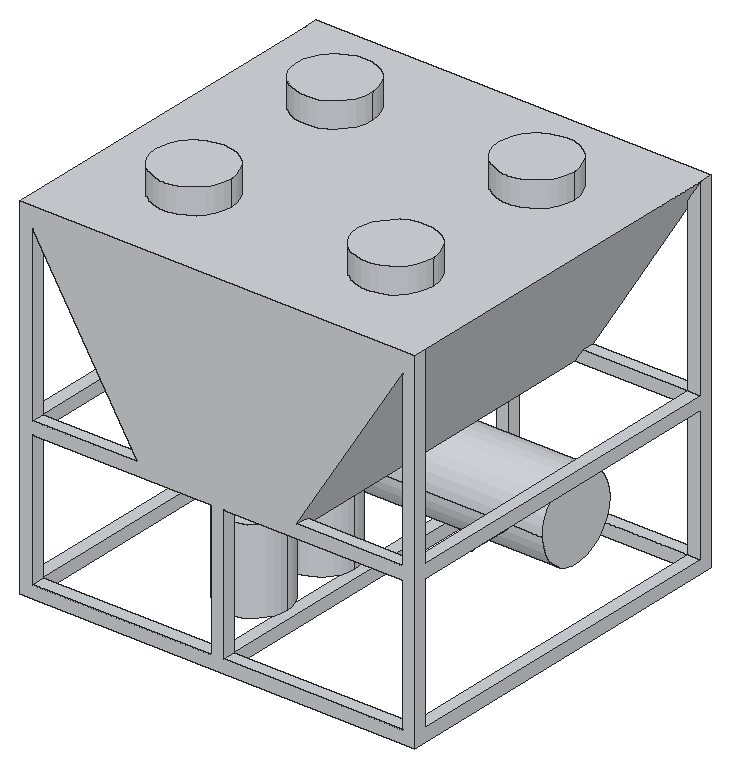
Revit family "M_Resfriador de ar de alta potência - Resfriado a ar - 211-422 kW", category Equipamento mecânico, Revit 2019
Family settings
  Cota do conector redondo = Usar raio
  Tipo de parte = Normal
  Número OmniClass = 23.75.10.24.21.21
  Título OmniClass = Packaged Water Chillers
  ID de item do Seek = Scroll Chiller - Air Cooled - 211-422 kW-0000-CAN-ENU
  Com base no plano de trabalho = Não
  Sempre na vertical = Sim
  Corte com vazios quando carregada = Não
  Compartilhado = Não
  Ponto de cálculo do ambiente = Não
Parameters (values of type "211 kW")
  Voltagem = 460 V
  Visível 2 = no
  Visível 1 = yes
  Queda de pressão [instance] = 26600.0 Pa
  Número de pólos = 3
  Classificação de carga = Refrigeração
  Capacidade de refrigeração [instance] = 201000 W
  Material do resfriador = none
  Comprimento do resfriador = 2393 mm
  Raio do fornecimento de água resfriada = 50 mm
  Diâmetro do fornecimento de água resfriada = Raio do fornecimento de água resfriada * 2  # 100 mm
  Raio do retorno de água resfriada = 50 mm
  Diâmetro do retorno de água resfriada = Raio do retorno de água resfriada * 2  # 100 mm
  Fluxo da água resfriada [instance] = 8.64 L/s
  C3 Deslocamento 1 = C1 Deslocamento 2 - 279 mm  # 204 mm
  C2 Deslocamento 3 = 519 mm
  C1 Deslocamento 3 = 381 mm
  C1 Deslocamento 2 = 483 mm
  Carga aparente [instance] = 70400 VA
Types (8, lengths in mm): name | Visível 2 | Queda de pressão | Capacidade de refrigeração | Comprimento do resfriador | Raio do fornecimento de água resfriada | Diâmetro do fornecimento de água resfriada | Raio do retorno de água resfriada | Diâmetro do retorno de água resfriada | Fluxo da água resfriada | C3 Deslocamento 1 | C2 Deslocamento 3 | C1 Deslocamento 3 | C1 Deslocamento 2 | Carga aparente
  (no name) | no | 26600.0 Pa | 201000 W | 2393 | 50 | 100 | 50 | 100 | 8.64 L/s | 204 | 519 | 381 | 483 | 70400 VA
  211 kW | no | 26600.0 Pa | 201000 W | 2393 | 50 | 100 | 50 | 100 | 8.64 L/s | 204 | 519 | 381 | 483 | 70400 VA
  246 kW | no | 35000.0 Pa | 234000 W | 2393 | 50 | 100 | 50 | 100 | 10.0 L/s | 204 | 519 | 381 | 483 | 83400 VA
  281 kW | no | 20900.0 Pa | 267000 W | 2393 | 50 | 100 | 50 | 100 | 11.5 L/s | 219 | 519 | 381 | 498 | 95300 VA
  316 kW | yes | 26600.0 Pa | 304000 W | 3587 | 50 | 100 | 50 | 100 | 13.1 L/s | 219 | 992 | 1097 | 498 | 107000 VA
  352 kW | yes | 32000.0 Pa | 336000 W | 3587 | 50 | 100 | 50 | 100 | 14.5 L/s | 219 | 992 | 1097 | 498 | 120000 VA
  387 kW | yes | 26300.0 Pa | 371000 W | 3587 | 80 | 160 | 80 | 160 | 15.9 L/s | 112 | 992 | 340 | 391 | 132000 VA
  422 kW | yes | 32600.0 Pa | 416000 W | 4781 | 80 | 160 | 80 | 160 | 17.9 L/s | 112 | 1159 | 1367 | 391 | 148000 VA
Reference planes
  plane 1 "Centro (Frente/Trás)": y = 0
  plane 2: z = 0
  plane 3 "Centro (Esquerda/Direita)": x = 0
  plane 4: x = 2393
  plane 5: y = -2235.962
  plane 6: x = 76.2
  plane 7: x = 2316.8
  plane 8: y = -76.2
  plane 9: y = -2159.762
  plane 10: z = 76.2
  plane 11: z = 889
  plane 12: z = 965.2
  plane 13: z = 2129.028
  plane 14: x = 1196.5
  plane 15: x = 1158.4
  plane 16: x = 1234.6
  plane 17: x = 762
  plane 18: x = 1631
  plane 19: y = -762
  plane 20: z = 127
  plane 21: x = 152.4
  plane 22: x = 381
  plane 23: x = 1874
  plane 24: x = 203.2
  plane 25: x = 2128
  plane 26: y = -685.8
  plane 27: z = 483
  plane 28: z = 204
  plane 29: y = -1193.8
  plane 30: z = 203.2
  plane 31: z = 711.2
  plane 32: y = -1854.962
  plane 33: y = -1346.962
  plane 34: x = 1112
  plane 35: y = -336.55
  plane 36: z = 189.992
  plane 37: z = 2281.428
  plane 38: x = 584.2
  plane 39: x = 1808.8
  plane 40: y = -584.2
  plane 41: y = -1651.762
Forms (mm)
  Extrusion 1, solid, material <- "Material do resfriador"
    sketch origin (0, 0, 0) x (1, 0, 0) y (0, 1, 0)
      loop
        line (0, 0) -> (0, -2235.962) -> (2393, -2235.962) -> (2393, 0) -> (0, 0)
    from 0 to 76.2
  Extrusion 2, void
    sketch origin (0, 0, 0) x (1, 0, 0) y (0, 1, 0)
      loop
        line (76.2, -76.2) -> (76.2, -2159.762) -> (2316.8, -2159.762) -> (2316.8, -76.2) -> (76.2, -76.2)
    from 0 to 76.2
  Extrusion 3, solid, material <- "Material do resfriador"
    sketch origin (0, 0, 0) x (1, 0, 0) y (0, 1, 0)
      loop
        line (0, 0) -> (0, -2235.962) -> (2393, -2235.962) -> (2393, 0) -> (0, 0)
    from 889 to 965.2
  Extrusion 4, void
    sketch origin (0, 0, 0) x (1, 0, 0) y (0, 1, 0)
      loop
        line (76.2, -76.2) -> (76.2, -2159.762) -> (2316.8, -2159.762) -> (2316.8, -76.2) -> (76.2, -76.2)
    from 889 to 965.2
  Extrusion 5, solid, material <- "Material do resfriador"
    sketch origin (0, 0, 0) x (1, 0, 0) y (0, 1, 0)
      loop
        line (0, 0) -> (0, -76.2) -> (76.2, -76.2) -> (76.2, 0) -> (0, 0)
    from 0 to 2129.028
  Extrusion 6, solid, material <- "Material do resfriador"
    sketch origin (0, 0, 0) x (1, 0, 0) y (0, 1, 0)
      loop
        line (2316.8, 0) -> (2316.8, -76.2) -> (2393, -76.2) -> (2393, 0) -> (2316.8, 0)
    from 0 to 2129.028
  Extrusion 7, solid, material <- "Material do resfriador"
    sketch origin (0, 0, 0) x (1, 0, 0) y (0, 1, 0)
      loop
        line (0, -2159.762) -> (0, -2235.962) -> (76.2, -2235.962) -> (76.2, -2159.762) -> (0, -2159.762)
    from 0 to 2129.028
  Extrusion 8, solid, material <- "Material do resfriador"
    sketch origin (0, 0, 0) x (1, 0, 0) y (0, 1, 0)
      loop
        line (2316.8, -2159.762) -> (2316.8, -2235.962) -> (2393, -2235.962) -> (2393, -2159.762) -> (2316.8, -2159.762)
    from 0 to 2129.028
  Extrusion 9, solid, material <- "Material do resfriador"
    sketch origin (0, 0, 0) x (0, 1, 0) y (0, 0, 1)
      loop
        line (0, 965.2) -> (-2235.962, 965.2) -> (-2235.962, 0) -> (0, 0) -> (0, 965.2)
      loop
        line (-76.2, 889) -> (-2159.762, 889) -> (-2159.762, 76.2) -> (-76.2, 76.2) -> (-76.2, 889)
    from 1158.4 to 1234.6
  Blend 10, solid, material <- "Material do resfriador"
    base sketch origin (0, 0, 0) x (1, 0, 0) y (0, 1, 0)
      loop
        line (0, 0) -> (0, -2235.962) -> (2393, -2235.962) -> (2393, 0) -> (0, 0)
    top sketch origin (0, 0, 0) x (1, 0, 0) y (0, 1, 0)
      loop
        line (762, 0) -> (762, -2235.962) -> (1631, -2235.962) -> (1631, 0) -> (762, 0)
    from 2129.028 to 889
  Extrusion 11, solid, material <- "Material do resfriador"
    sketch origin (0, 0, 0) x (0, 1, 0) y (0, 0, 1)
      loop
        line (-76.2, 889) -> (-762, 889) -> (-762, 127) -> (-76.2, 127) -> (-76.2, 889)
    from 0 to 152.4
  Extrusion 12, solid, material <- "Material do resfriador"
    sketch origin (0, 0, 0) x (0, 1, 0) y (0, 0, 1)
      loop
        circle (-685.8, 483) r 254
    from 203.2 to 2128
  Extrusion 13, solid, material <- "Material do resfriador"
    sketch origin (0, 0, 0) x (1, 0, 0) y (0, 1, 0)
      loop
        circle (381, -685.8) r 9.525
    from 204 to 483
  Extrusion 14, solid, material <- "Material do resfriador"
    sketch origin (0, 0, 0) x (1, 0, 0) y (0, 0, 1)
      loop
        circle (381, 483) r 50
    from 685.8 to 1193.8
  Extrusion 15, solid, material <- "Material do resfriador"
    sketch origin (0, 0, 0) x (1, 0, 0) y (0, 0, 1)
      loop
        circle (1874, 483) r 50
    from 685.8 to 1193.8
  Extrusion 16, solid, material <- "Material do resfriador"
    sketch origin (0, 0, 0) x (1, 0, 0) y (0, 1, 0)
      loop
        circle (1112, -1854.962) r 203.2
    from 203.2 to 711.2
  Extrusion 17, solid, material <- "Material do resfriador"
    sketch origin (0, 0, 0) x (1, 0, 0) y (0, 1, 0)
      loop
        circle (1112, -1346.962) r 203.2
    from 203.2 to 711.2
  Extrusion 18, solid, material <- "Material do resfriador"
    sketch origin (0, 0, 0) x (0, 1, 0) y (0, 0, 1)
      loop
        circle (-336.55, 189.992) r 9.525
    from 0 to 76.2
  Extrusion 19, solid, material <- "Material do resfriador"
    sketch origin (0, 0, 0) x (1, 0, 0) y (0, 1, 0)
      loop
        circle (584.2, -584.2) r 228.6
    from 2129.028 to 2281.428
  Extrusion 20, solid, material <- "Material do resfriador"
    sketch origin (0, 0, 0) x (1, 0, 0) y (0, 1, 0)
      loop
        circle (1808.8, -584.2) r 228.6
    from 2129.028 to 2281.428
  Extrusion 21, solid, material <- "Material do resfriador"
    sketch origin (0, 0, 0) x (1, 0, 0) y (0, 1, 0)
      loop
        circle (584.2, -1651.762) r 228.6
    from 2129.028 to 2281.428
  Extrusion 22, solid, material <- "Material do resfriador"
    sketch origin (0, 0, 0) x (1, 0, 0) y (0, 1, 0)
      loop
        circle (1808.8, -1651.762) r 228.6
    from 2129.028 to 2281.428
Cuts and joins
  Extrusion 2, Extrusion 4 cuts Extrusion 1
  Extrusion 4 cuts Extrusion 3
  joined: Extrusion 1, Extrusion 3, Extrusion 5, Extrusion 6, Extrusion 7, Extrusion 8, Extrusion 9, Blend 10, Extrusion 11, Extrusion 12, Extrusion 13, Extrusion 14, Extrusion 15, Extrusion 16, Extrusion 17, Extrusion 18, Extrusion 19, Extrusion 20, Extrusion 21, Extrusion 22
Dimensions and locks
  "Comprimento do resfriador": plane 3 "Centro (Esquerda/Direita)" to plane 4
  locked: plane 5 to plane 1 "Centro (Frente/Trás)" at 2235.962
  locked: plane 3 "Centro (Esquerda/Direita)" to plane 6 at 76.2
  locked: plane 7 to plane 4 at 76.2
  locked: plane 8 to plane 1 "Centro (Frente/Trás)" at 76.2
  locked: plane 9 to plane 5 at 76.2
  locked: plane 10 to plane 2 at 76.2
  locked: plane 12 to plane 11 at 76.2
  locked: plane 13 to plane 2 at 2129.028
  equal spacing: plane 3 "Centro (Esquerda/Direita)", plane 14, plane 4
  locked: plane 15 to plane 14 at 38.1
  locked: plane 14 to plane 16 at 38.1
  locked: plane 3 "Centro (Esquerda/Direita)" to plane 17 at 762
  locked: plane 18 to plane 4 at 762
  locked: plane 1 "Centro (Frente/Trás)" to plane 19 at 762
  locked: plane 20 to plane 2 at 127
  locked: plane 3 "Centro (Esquerda/Direita)" to plane 21 at 152.4
  "C1 Deslocamento 3": plane 22 to plane 3 "Centro (Esquerda/Direita)"
  "C2 Deslocamento 3": plane 4 to plane 23
  locked: plane 22 to plane 24 at 177.8
  locked: plane 25 to plane 23 at 254
  locked: plane 1 "Centro (Frente/Trás)" to plane 26 at 685.8
  "C1 Deslocamento 2": plane 27 to plane 2
  "C3 Deslocamento 1": plane 28 to plane 2
  locked: plane 26 to plane 29 at 508
  locked: plane 30 to plane 2 at 203.2
  locked: plane 31 to plane 30 at 508
  locked: plane 32 to plane 5 at 381
  locked: plane 33 to plane 32 at 508
  locked: plane 23 to plane 34 at 762
  locked: plane 1 "Centro (Frente/Trás)" to plane 35 at 336.55
  locked: plane 36 to plane 2 at 189.992
  locked: plane 37 to plane 13 at 152.4
  locked: plane 3 "Centro (Esquerda/Direita)" to plane 38 at 584.2
  locked: plane 39 to plane 4 at 584.2
  locked: plane 40 to plane 1 "Centro (Frente/Trás)" at 584.2
  locked: plane 41 to plane 5 at 584.2
  radius of Extrusion 12 sketch curve = 254 mm
  radius of Extrusion 13 sketch curve = 9.525 mm
  "Raio do fornecimento de água resfriada": radius of Extrusion 14 sketch curve
  "Raio do retorno de água resfriada": radius of Extrusion 15 sketch curve
  radius of Extrusion 16 sketch curve = 203.2 mm
  radius of Extrusion 17 sketch curve = 203.2 mm
  radius of Extrusion 18 sketch curve = 9.525 mm
  radius of Extrusion 19 sketch curve = 228.6 mm
  radius of Extrusion 20 sketch curve = 228.6 mm
  radius of Extrusion 21 sketch curve = 228.6 mm
  radius of Extrusion 22 sketch curve = 228.6 mm
  aligned and locked: plane 3 "Centro (Esquerda/Direita)" to Extrusion 1 sketch curve
  aligned and locked: plane 1 "Centro (Frente/Trás)" to Extrusion 1 sketch curve
  aligned and locked: plane 5 to Extrusion 1 sketch curve
  aligned and locked: Extrusion 1 sketch curve to plane 4
  aligned and locked: Extrusion 1 to plane 10
  aligned and locked: Extrusion 1 to plane 2
  aligned and locked: plane 6 to Extrusion 2 sketch curve
  aligned and locked: Extrusion 2 sketch curve to plane 8
  aligned and locked: plane 9 to Extrusion 2 sketch curve
  aligned and locked: Extrusion 2 sketch curve to plane 7
  aligned and locked: Extrusion 2 to plane 10
  aligned and locked: Extrusion 2 to level
  aligned and locked: plane 12 to Extrusion 3
  aligned and locked: Extrusion 3 to plane 11
  aligned and locked: plane 11 to Extrusion 4
  aligned and locked: plane 12 to Extrusion 4
  aligned and locked: plane 13 to Extrusion 5
  aligned and locked: Extrusion 5 to plane 2
  aligned and locked: plane 7 to Extrusion 6 sketch curve
  aligned and locked: plane 1 "Centro (Frente/Trás)" to Extrusion 6 sketch curve
  aligned and locked: plane 8 to Extrusion 6 sketch curve
  aligned and locked: Extrusion 6 sketch curve to plane 4
  aligned and locked: plane 13 to Extrusion 6
  aligned and locked: plane 2 to Extrusion 6
  aligned and locked: plane 3 "Centro (Esquerda/Direita)" to Extrusion 7 sketch curve
  aligned and locked: Extrusion 7 sketch curve to plane 9
  aligned and locked: plane 5 to Extrusion 7 sketch curve
  aligned and locked: Extrusion 7 sketch curve to plane 6
  aligned and locked: plane 13 to Extrusion 7
  aligned and locked: Extrusion 7 to plane 2
  aligned and locked: plane 13 to Extrusion 8
  aligned and locked: plane 2 to Extrusion 8
  aligned and locked: plane 16 to Extrusion 9
  aligned and locked: Extrusion 9 to plane 15
  aligned and locked: plane 17 to Blend 10 sketch curve
  aligned and locked: plane 1 "Centro (Frente/Trás)" to Blend 10 sketch curve
  aligned and locked: plane 5 to Blend 10 sketch curve
  aligned and locked: Blend 10 sketch curve to plane 18
  aligned and locked: plane 13 to Blend 10
  aligned and locked: Blend 10 to plane 11
  aligned and locked: plane 20 to Extrusion 11 sketch curve
  aligned and locked: plane 19 to Extrusion 11 sketch curve
  aligned and locked: Extrusion 11 to plane 3 "Centro (Esquerda/Direita)"
  aligned and locked: plane 21 to Extrusion 11
  aligned and locked: plane 26 to Extrusion 12 sketch curve
  aligned and locked: plane 27 to Extrusion 12 sketch curve
  aligned and locked: plane 24 to Extrusion 12
  aligned and locked: plane 25 to Extrusion 12
  aligned and locked: plane 22 to Extrusion 13 sketch curve
  aligned and locked: plane 26 to Extrusion 13 sketch curve
  aligned and locked: plane 27 to Extrusion 13
  aligned and locked: Extrusion 13 to plane 28
  aligned and locked: plane 22 to Extrusion 14 sketch curve
  aligned and locked: plane 27 to Extrusion 14 sketch curve
  aligned and locked: plane 29 to Extrusion 14
  aligned and locked: Extrusion 14 to plane 26
  aligned and locked: plane 23 to Extrusion 15 sketch curve
  aligned and locked: plane 27 to Extrusion 15 sketch curve
  aligned and locked: plane 26 to Extrusion 15
  aligned and locked: plane 29 to Extrusion 15
  aligned and locked: plane 34 to Extrusion 16 sketch curve
  aligned and locked: plane 32 to Extrusion 16 sketch curve
  aligned and locked: Extrusion 16 to plane 30
  aligned and locked: plane 31 to Extrusion 16
  aligned and locked: plane 34 to Extrusion 17 sketch curve
  aligned and locked: plane 33 to Extrusion 17 sketch curve
  aligned and locked: plane 31 to Extrusion 17
  aligned and locked: Extrusion 17 to plane 30
  aligned and locked: plane 35 to Extrusion 18 sketch curve
  aligned and locked: plane 36 to Extrusion 18 sketch curve
  aligned and locked: Extrusion 18 to plane 3 "Centro (Esquerda/Direita)"
  aligned and locked: plane 6 to Extrusion 18
  aligned and locked: plane 38 to Extrusion 19 sketch curve
  aligned and locked: plane 40 to Extrusion 19 sketch curve
  aligned and locked: plane 37 to Extrusion 19
  aligned and locked: Extrusion 19 to plane 13
  aligned and locked: plane 39 to Extrusion 20 sketch curve
  aligned and locked: plane 40 to Extrusion 20 sketch curve
  aligned and locked: plane 37 to Extrusion 20
  aligned and locked: Extrusion 20 to plane 13
  aligned and locked: plane 38 to Extrusion 21 sketch curve
  aligned and locked: plane 41 to Extrusion 21 sketch curve
  aligned and locked: plane 37 to Extrusion 21
  aligned and locked: Extrusion 21 to plane 13
  aligned and locked: plane 39 to Extrusion 22 sketch curve
  aligned and locked: plane 41 to Extrusion 22 sketch curve
  aligned and locked: plane 37 to Extrusion 22
  aligned and locked: Extrusion 22 to plane 13
Automatic sketch dimensions
  Extrusion 3 sketch curve to plane 3 "Centro (Esquerda/Direita)" = 0 mm
  Extrusion 3 sketch curve to plane 4 = 0 mm
  Extrusion 3 sketch curve to plane 5 = 0 mm
  Extrusion 3 sketch curve to plane 1 "Centro (Frente/Trás)" = 0 mm
  Extrusion 4 sketch curve to plane 6 = 0 mm
  Extrusion 4 sketch curve to plane 7 = 0 mm
  Extrusion 4 sketch curve to plane 9 = 0 mm
  Extrusion 4 sketch curve to plane 8 = 0 mm
  Extrusion 5 sketch curve to plane 3 "Centro (Esquerda/Direita)" = 0 mm
  Extrusion 5 sketch curve to plane 6 = 0 mm
  Extrusion 5 sketch curve to plane 8 = 0 mm
  Extrusion 5 sketch curve to plane 1 "Centro (Frente/Trás)" = 0 mm
  Extrusion 8 sketch curve to plane 5 = 0 mm
  Extrusion 8 sketch curve to plane 7 = 0 mm
  Extrusion 8 sketch curve to plane 4 = 0 mm
  Extrusion 8 sketch curve to plane 9 = 0 mm
  Extrusion 9 sketch curve to plane 5 = 0 mm
  Extrusion 9 sketch curve to plane 9 = 0 mm
  Extrusion 9 sketch curve to plane 8 = 0 mm
  Extrusion 9 sketch curve to plane 1 "Centro (Frente/Trás)" = 0 mm
  Extrusion 9 sketch curve to level = 0 mm
  Extrusion 9 sketch curve to plane 10 = 0 mm
  Extrusion 9 sketch curve to plane 11 = 0 mm
  Extrusion 9 sketch curve to plane 12 = 0 mm
  Blend 10 sketch curve to plane 3 "Centro (Esquerda/Direita)" = 0 mm
  Blend 10 sketch curve to plane 4 = 0 mm
  Blend 10 sketch curve to plane 5 = 0 mm
  Blend 10 sketch curve to plane 1 "Centro (Frente/Trás)" = 0 mm
  Extrusion 11 sketch curve to plane 8 = 0 mm
  Extrusion 11 sketch curve to plane 11 = 0 mm
Connectors
  piping at (381, -1193.8, 483), diameter 100, driven by "Fluxo da água resfriada", driven by "Raio do retorno de água resfriada"
    settings: on cut or joined group 1 (Extrusion 1, Extrusion 2, Extrusion 3, Extrusion 4, Extrusion 5, Extrusion 6, Extrusion 7, Extrusion 8, Extrusion 9, Blend 10, Extrusion 11, Extrusion 12, Extrusion 13, Extrusion 14, Extrusion 15, Extrusion 16, Extrusion 17, Extrusion 18, Extrusion 19, Extrusion 20, Extrusion 21, Extrusion 22), index 1, connector inside diameter 100 mm, connector length 0 mm, flow factor 0, pipe flow 8.64 L/s, pressure drop 0.0 Pa, fitting loss kfactor 0, connector angle 0.00°, fixture units 0, engagement length 0 mm, angle of deflection 0.00°, flow configuration 0, flow direction 1, fitting loss method 4, system type 8, joint type 0, gender type 0, connector reference index 2, connector utility 0, adjustable connector no, is connector primary yes, connector description "Entrada de água resfriada"
  piping at (1874, -1193.8, 483), diameter 100, driven by "Fluxo da água resfriada", driven by "Queda de pressão", driven by "Raio do fornecimento de água resfriada"
    settings: on cut or joined group 1, index 2, connector inside diameter 100 mm, connector length 0 mm, flow factor 0, pipe flow 8.64 L/s, pressure drop 26600.0 Pa, fitting loss kfactor 0, connector angle 0.00°, fixture units 0, engagement length 0 mm, angle of deflection 0.00°, flow configuration 0, flow direction 2, fitting loss method 4, system type 7, joint type 0, gender type 0, connector reference index 1, connector utility 0, adjustable connector no, is connector primary no, connector description "Saída de água resfriada"
  piping at (381, -685.8, 204), diameter 19.05
    settings: on cut or joined group 1, index 3, connector inside diameter 19.05 mm, connector length 0 mm, flow factor 0, pipe flow 0.0 L/s, pressure drop 0.0 Pa, fitting loss kfactor 0, connector angle 0.00°, fixture units 0, engagement length 0 mm, angle of deflection 0.00°, flow configuration 0, flow direction 2, fitting loss method 0, system type 16, joint type 0, gender type 0, connector reference index -1, connector utility 0, adjustable connector no, is connector primary no, connector description "Saída da drenagem"
  electrical at (0, -336.55, 189.992), driven by "Carga aparente", driven by "Voltagem", driven by "Número de pólos", driven by "Classificação de carga"
    settings: on Extrusion 18, index 4, voltage 460 V, apparent load 70400 VA, apparent load phase1 0 VA, apparent load phase2 0 VA, apparent load phase3 0 VA, power factor 0.8, load classification "Refrigeração", number of poles 3, system type 30, power factor state 1, is connector primary yes, connector utility no, sub classification motor no, connector description ""
